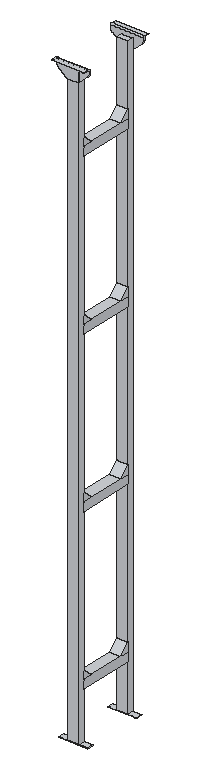
Revit family "C2201", category Specialty Equipment, Revit 2025
Family settings
  Round Connector Dimension = Use Diameter
  Part Type = Normal
  Work Plane-Based = Yes
  Enable Cutting in Views = No
  Always vertical = Yes
  Cut with Voids When Loaded = No
  Maintain Annotation Orientation = No
  Shared = No
  Room Calculation Point = No
Parameters (values of type "C2201-18"")
  G [instance] = if(Conveyor_Elevation_In > 10' 6", 3' 0", 3' 0")  # 3' - 0"
  F [instance] = if(Conveyor_Elevation_In > 10' 6", 1' 5", 1' 5")  # 1' - 5"
  LEG_HEIGHT [instance] = Conveyor_Elevation_In - 0' 1 1/4" - 0' 0 31/256" - 0' 6 37/128"  # 11' - 4 87/256"
  Default Elevation = 4' - 0"
  D [instance] = if(Conveyor_Elevation_In > 10' 6", 4, 1)  # 4
  Cross_Member_width [instance] = CLR_NOMINAL_WIDTH - 0' 5 1/2"  # 1' - 0 1/2"
  Conveyor_Elevation_In [instance] = 12' - 0"
  CLR_NOMINAL_WIDTH [instance] = 1' - 6"
Types (6): name | Cross_Member_width | CLR_NOMINAL_WIDTH
  (no name) | 1' - 0 1/2" | 1' - 6"
  C2201-18" | 1' - 0 1/2" | 1' - 6"
  C2201-24" | 1' - 6 1/2" | 2' - 0"
  C2201-30" | 2' - 0 1/2" | 2' - 6"
  C2201-36" | 2' - 6 1/2" | 3' - 0"
  C2201-42" | 3' - 0 1/2" | 3' - 6"
Reference planes (in)
  plane 1 "Center (Front/Back)": y = 0
  plane 2 "Level": z = 0
  plane 3 "Center (Left/Right)": x = 0
  plane 4: z = 137.71
  plane 5: y = 7.64062
  plane 6: y = -36.38324
  plane 7: x = 7.5
  plane 8 "Support_Centerline": x = 3.80669
  plane 9 "LH_Out": y = 9
  plane 10 "RH_Out": y = -9
  plane 11 "Bot_of_SideFrame": z = 137.71
  plane 12: z = 33.60641
  plane 13: y = 18.02386
  plane 14: y = -26
  plane 15: z = 137.71
  plane 16: y = -7.64063
  plane 17: y = 36.38324
  plane 18: z = 137.71
  plane 19: z = 33.60641
  plane 20: z = 137.71
  plane 21: y = -9
  plane 22: y = 9
  plane 23: y = 19.38324
  plane 24: z = 120.71
  plane 25: z = 84.71
  plane 26: z = 144
  plane 27: z = 48.71
  plane 28: z = 12.71
  plane 29: y = 0
  plane 30: z = 120.71
  plane 31: y = 0
  plane 32: z = 84.71
  plane 33: y = 0
  plane 34: z = 48.71
  plane 35: y = 0
  plane 36: z = 12.71
  plane 37: y = -29.40827
  plane 38: z = 127.37696
  plane 39: z = 127.37696
  plane 40: y = -29.40827
Forms (in)
  Extrusion 1, solid
    sketch origin (0, -27.38324, 105.71) x (0, 1, 0) y (0, 0, 1)
      loop
        line (36.38324, 32) -> (35.27386, 32)
        arc (35.27386, 32) -> (35.09708, 31.92678) -> (35.02386, 31.75) r 0.25
        line (35.02386, 31.75) -> (35.02386, 27.75) -> (35.13324, 27.75) -> (35.13324, 31.64063)
        arc (35.13324, 31.64063) -> (35.20646, 31.8174) -> (35.38324, 31.89063) r 0.25
        line (35.38324, 31.89063) -> (36.38324, 31.89063) -> (36.38324, 32)
    from 0 to 7.5
  Extrusion 2, void
    sketch origin (0, 7.64062, 138.46) x (0, 0, 1) y (1, 0, 0)
      loop
        line (-1.11719, 0) -> (-1.66256, 0)
        arc (-1.66256, 0) -> (-2.08229, 0.09235) -> (-2.4245, 0.35235) r 1
        line (-2.4245, 0.35235) -> (-4.01194, 2.21993)
        arc (-4.01194, 2.21993) -> (-4.1886, 2.52257) -> (-4.25, 2.86758) r 1
        line (-4.25, 2.86758) -> (-4.25, 3.75) -> (-4.25, 4.63242)
        arc (-4.25, 4.63242) -> (-4.1886, 4.97743) -> (-4.01194, 5.28007) r 1
        line (-4.01194, 5.28007) -> (-2.4245, 7.14765)
        arc (-2.4245, 7.14765) -> (-2.08229, 7.40765) -> (-1.66256, 7.5) r 1
        line (-1.66256, 7.5) -> (-1.11719, 7.5) -> (-1.11719, 8.36747) -> (-5.5, 8.36747) -> (-5.5, 3.75) -> (-5.5, -0.86747) -> (-1.11719, -0.86747) -> (-1.11719, 0)
    from 0 to 0.10938
  Extrusion 3, solid, not visible
    sketch origin (0, -17, 1.60641) x (0, 1, 0) y (0, 0, 1)
      loop
        line (36.38324, 32) -> (35.27386, 32)
        arc (35.27386, 32) -> (35.09708, 31.92678) -> (35.02386, 31.75) r 0.25
        line (35.02386, 31.75) -> (35.02386, 27.75) -> (35.13324, 27.75) -> (35.13324, 31.64063)
        arc (35.13324, 31.64063) -> (35.20646, 31.8174) -> (35.38324, 31.89063) r 0.25
        line (35.38324, 31.89063) -> (36.38324, 31.89063) -> (36.38324, 32)
    from 0 to 7.5
  Extrusion 4, void, not visible
    sketch origin (0, 18.02386, -69.74719) x (0, 0, 1) y (1, 0, 0)
      loop
        line (-1.11719, 0) -> (-1.66256, 0)
        arc (-1.66256, 0) -> (-2.08229, 0.09235) -> (-2.4245, 0.35235) r 1
        line (-2.4245, 0.35235) -> (-4.01194, 2.21993)
        arc (-4.01194, 2.21993) -> (-4.1886, 2.52257) -> (-4.25, 2.86758) r 1
        line (-4.25, 2.86758) -> (-4.25, 3.75) -> (-4.25, 4.63242)
        arc (-4.25, 4.63242) -> (-4.1886, 4.97743) -> (-4.01194, 5.28007) r 1
        line (-4.01194, 5.28007) -> (-2.4245, 7.14765)
        arc (-2.4245, 7.14765) -> (-2.08229, 7.40765) -> (-1.66256, 7.5) r 1
        line (-1.66256, 7.5) -> (-1.11719, 7.5) -> (-1.11719, 8.36747) -> (-5.5, 8.36747) -> (-5.5, 3.75) -> (-5.5, -0.86747) -> (-1.11719, -0.86747) -> (-1.11719, 0)
    from 0 to 0.10938
  Extrusion 5, solid
    sketch origin (0, -9.38324, 105.71) x (0, 1, 0) y (0, 0, 1)
      loop
        line (0.38324, 32) -> (0.38324, 31.89063) -> (1.38324, 31.89063)
        arc (1.38324, 31.89063) -> (1.56001, 31.8174) -> (1.63324, 31.64063) r 0.25
        line (1.63324, 31.64063) -> (1.63324, 27.75) -> (1.74261, 27.75) -> (1.74261, 31.75)
        arc (1.74261, 31.75) -> (1.66939, 31.92678) -> (1.49261, 32) r 0.25
        line (1.49261, 32) -> (0.38324, 32)
    from 0 to 7.5
  Extrusion 6, void
    sketch origin (0, -7.64063, 138.46) x (0, 0, 1) y (-1, 0, 0)
      loop
        line (-1.11719, 0) -> (-1.11719, 0.86747) -> (-5.5, 0.86747) -> (-5.5, -3.75) -> (-5.5, -8.36747) -> (-1.11719, -8.36747) -> (-1.11719, -7.5) -> (-1.66256, -7.5)
        arc (-1.66256, -7.5) -> (-2.08229, -7.40765) -> (-2.4245, -7.14765) r 1
        line (-2.4245, -7.14765) -> (-4.01194, -5.28007)
        arc (-4.01194, -5.28007) -> (-4.1886, -4.97743) -> (-4.25, -4.63242) r 1
        line (-4.25, -4.63242) -> (-4.25, -3.75) -> (-4.25, -2.86758)
        arc (-4.25, -2.86758) -> (-4.1886, -2.52257) -> (-4.01194, -2.21993) r 1
        line (-4.01194, -2.21993) -> (-2.4245, -0.35235)
        arc (-2.4245, -0.35235) -> (-2.08229, -0.09235) -> (-1.66256, 0) r 1
        line (-1.66256, 0) -> (-1.11719, 0)
    from 0 to 0.10938
  Extrusion 7, solid
    sketch origin (3.80669, 0, 0) x (0, 1, 0) y (0, 0, 1)
      loop
        line (7.64062, 136.46) -> (6.26062, 136.46) -> (6.26062, 0.12016) -> (7.64062, 0.12016) -> (7.64062, 136.46)
    from -1.25 to 1.25
  Extrusion 8, solid
    sketch origin (3.80669, 0, 0) x (0, -1, 0) y (0, 0, -1)
      loop
        line (7.64062, -136.46) -> (7.64062, -0.12016) -> (6.26062, -0.12016) -> (6.26062, -136.46) -> (7.64062, -136.46)
    from -1.25 to 1.25
  Extrusion 9, solid
    sketch origin (0, 0, 0) x (0, 1, 0) y (0, 0, 1)
      loop
        line (-7.64062, 0.12109) -> (-7.64062, 0) -> (-6.26062, 0) -> (-6.26062, 0.12109) -> (-7.64062, 0.12109)
    from 0.5 to 7
  Extrusion 10, solid
    sketch origin (0, 0, 0) x (0, -1, 0) y (0, 0, -1)
      loop
        line (-7.64062, -0.12109) -> (-6.26062, -0.12109) -> (-6.26062, 0) -> (-7.64062, 0) -> (-7.64062, -0.12109)
    from 0.5 to 7
  Extrusion 11, solid, not visible
    sketch origin (3.80669, 0, 0) x (0, 1, 0) y (0, 0, 1)
      loop
        line (-35.65827, 128.87696) -> (-35.65827, 125.87696) -> (-23.15827, 125.87696) -> (-23.15827, 128.87696) -> (-35.65827, 128.87696)
    from -1.25 to 1.25
  Extrusion 12, solid, not visible
    sketch origin (3.80669, 0, 0) x (0, 1, 0) y (0, 0, 1)
      loop
        line (-35.65827, 128.87696) -> (-33.65827, 128.87696) -> (-35.65827, 130.87696) -> (-35.65827, 128.87696)
    from -1.25 to 1.25
  Extrusion 13, solid, not visible
    sketch origin (3.80669, 105.71869, 164.53523) x (0, 0, 1) y (0, -1, 0)
      loop
        line (-35.65827, 128.87696) -> (-33.65827, 128.87696) -> (-35.65827, 130.87696) -> (-35.65827, 128.87696)
    from -1.25 to 1.25
Cuts and joins
  Extrusion 2, Extrusion 6 cuts Extrusion 1
  Extrusion 6 cuts Extrusion 5
Dimensions and locks (in)
  locked: Extrusion 1 sketch curve to Extrusion 1 sketch curve at 4.25
  Extrusion 1 sketch curve to Extrusion 1 sketch curve to plane 5 = 0' - 1 23/64", 0' - 0" locked
  locked: plane 3 "Center (Left/Right)" to plane 7 at 7.5
  equal spacing: plane 9 "LH_Out", plane 1 "Center (Front/Back)", plane 10 "RH_Out"
  "CLR_NOMINAL_WIDTH": plane 9 "LH_Out" to plane 10 "RH_Out"
  locked: Extrusion 3 sketch curve to Extrusion 3 sketch curve at 4.25
  Extrusion 3 sketch curve to Extrusion 3 sketch curve to plane 13 = 0' - 1 23/64", 0' - 0" locked
  locked: Extrusion 5 sketch curve to Extrusion 5 sketch curve at 4.25
  Extrusion 5 sketch curve to plane 16 to Extrusion 5 sketch curve = 0' - 0" locked, 0' - 1 23/64"
  plane 11 "Bot_of_SideFrame" to level = 11' - 5.71"
  locked: Extrusion 7 sketch curve to plane 11 "Bot_of_SideFrame" at 1.25
  "LEG_HEIGHT": Extrusion 7 sketch curve to Extrusion 7 sketch curve
  locked: Extrusion 7 sketch curve to Extrusion 7 sketch curve at 1.38
  "LEG_HEIGHT": Extrusion 8 sketch curve to Extrusion 8 sketch curve
  locked: Extrusion 8 sketch curve to Extrusion 8 sketch curve at 1.38
  Extrusion 9 sketch curve to Extrusion 8 = 0' - 0.12016"
  Extrusion 5 to Extrusion 2 = 0' - 0 1/2"
  "F": plane 11 "Bot_of_SideFrame" to plane 24
  "G": plane 24 to plane 25
  locked: plane 26 to plane 11 "Bot_of_SideFrame" at 6.29
  "Conveyor_Elevation_In": plane 26 to level
  plane 29 to plane 1 "Center (Front/Back)" = 0' - 0"
  locked: plane 29 to plane 1 "Center (Front/Back)"
  locked: plane 30 to plane 24
  "G": plane 30 to plane 32
  "Cross_Member_width": Extrusion 11 sketch curve to Extrusion 11 sketch curve
  locked: Extrusion 11 sketch curve to Extrusion 11 sketch curve at 3
  locked: Extrusion 12 sketch curve to Extrusion 12 sketch curve at 2  (x2)
  locked: Extrusion 13 sketch curve to Extrusion 13 sketch curve at 2  (x2)
  locked: nested 1 to plane 35
  plane 8 "Support_Centerline" to nested 1 = 0' - 0"
  locked: plane 30 to nested 1
  equal spacing: group 5, group 6, group 7, group 8  (x2)
  equal spacing: group 8, group 7, group 6, group 5
  "G": nested 2 to nested 1
  aligned and locked: level to plane 2 "Level"
  aligned and locked: plane 7 to Extrusion 1
  aligned and locked: plane 11 "Bot_of_SideFrame" to plane 20
  aligned and locked: plane 10 "RH_Out" to plane 21
  aligned and locked: plane 22 to plane 9 "LH_Out"
  aligned and locked: plane 11 "Bot_of_SideFrame" to plane 18
  aligned and locked: Extrusion 7 sketch curve to cut or joined group of Extrusion 1, Extrusion 2, Extrusion 6
  aligned and locked: Extrusion 9 to Extrusion 8
  aligned and locked: plane 8 "Support_Centerline" to connector elem
  aligned and locked: Extrusion 12 to Extrusion 11  (x3)
Automatic sketch dimensions
  Extrusion 1 sketch curve to plane 4 = 0' - 0"
  Extrusion 1 sketch curve to Extrusion 1 sketch curve = 0' - 0 7/64"  (x2)
  Extrusion 1 sketch curve to plane 5 = 0' - 0 1/4"
  Extrusion 1 sketch curve to plane 4 = 0' - 0 7/64"
  Extrusion 1 to Extrusion 2 sketch curve = 0' - 0 3/4"
  Extrusion 1 to Extrusion 2 sketch curve = 0' - 0"
  Extrusion 2 sketch curve to Extrusion 1 = 0' - 0"
  Extrusion 2 sketch curve to Extrusion 1 = 0' - 0 1/2"
  Extrusion 1 to Extrusion 2 sketch curve = 0' - 0.98806"  (x2)
  Extrusion 2 sketch curve to Extrusion 2 sketch curve = 0' - 1"  (x2)
  Extrusion 2 sketch curve to Extrusion 1 = 0' - 0.35235"  (x2)
  Extrusion 1 to Extrusion 2 sketch curve = 0' - 2.5755"  (x2)
  Extrusion 2 sketch curve to Extrusion 2 sketch curve = 0' - 0.76194"  (x2)
  Extrusion 2 sketch curve to Extrusion 1 = 0' - 0 15/128"  (x2)
  Extrusion 1 to Extrusion 2 sketch curve = 0' - 0.86747"  (x2)
  Extrusion 2 sketch curve to Extrusion 1 = 0' - 2.21993"
  Extrusion 2 sketch curve to Extrusion 2 sketch curve = 0' - 0.88242"  (x3)
  Extrusion 3 sketch curve to plane 12 = 0' - 0"
  Extrusion 3 sketch curve to Extrusion 3 sketch curve = 0' - 0 7/64"  (x2)
  Extrusion 3 sketch curve to plane 13 = 0' - 0 1/4"
  Extrusion 3 sketch curve to plane 12 = 0' - 0 7/64"
  Extrusion 4 sketch curve to Extrusion 3 = 8' - 7.35359"
  Extrusion 3 to Extrusion 4 sketch curve = 0' - 0"
  Extrusion 4 sketch curve to Extrusion 3 = 0' - 0"
  Extrusion 4 sketch curve to Extrusion 3 = 8' - 8.60359"
  Extrusion 4 sketch curve to Extrusion 3 = 8' - 7.11553"  (x2)
  Extrusion 4 sketch curve to Extrusion 4 sketch curve = 0' - 1"  (x2)
  Extrusion 4 sketch curve to Extrusion 3 = 0' - 0.35235"  (x2)
  Extrusion 4 sketch curve to Extrusion 3 = 8' - 5.52809"  (x2)
  Extrusion 4 sketch curve to Extrusion 4 sketch curve = 0' - 0.76194"  (x2)
  Extrusion 4 sketch curve to Extrusion 3 = 8' - 8.22078"  (x2)
  Extrusion 3 to Extrusion 4 sketch curve = 0' - 0.86747"  (x2)
  Extrusion 4 sketch curve to Extrusion 3 = 0' - 2.21993"
  Extrusion 4 sketch curve to Extrusion 4 sketch curve = 0' - 0.88242"  (x3)
  Extrusion 5 sketch curve to plane 15 = 0' - 0"
  Extrusion 5 sketch curve to Extrusion 5 sketch curve = 0' - 0 7/64"  (x2)
  plane 16 to Extrusion 5 sketch curve = 0' - 0 1/4"
  Extrusion 5 sketch curve to plane 15 = 0' - 0 7/64"
  Extrusion 5 to Extrusion 6 sketch curve = 0' - 0"
  Extrusion 6 sketch curve to Extrusion 5 = 0' - 0"
  Extrusion 6 sketch curve to Extrusion 6 sketch curve = 0' - 1"  (x2)
  Extrusion 5 to Extrusion 6 sketch curve = 0' - 0.35235"  (x2)
  Extrusion 6 sketch curve to Extrusion 6 sketch curve = 0' - 0.76194"  (x2)
  Extrusion 6 sketch curve to Extrusion 5 = 0' - 0.86747"  (x2)
  Extrusion 5 to Extrusion 6 sketch curve = 0' - 2.21993"
  Extrusion 6 sketch curve to Extrusion 6 sketch curve = 0' - 0.88242"  (x3)
  Extrusion 5 to Extrusion 6 sketch curve = 0' - 0 3/4"  (x2)
  Extrusion 6 sketch curve to Extrusion 5 = 0' - 0 1/2"  (x2)
  Extrusion 5 to Extrusion 6 sketch curve = 0' - 0.98806"  (x4)
  Extrusion 5 to Extrusion 6 sketch curve = 0' - 2.5755"  (x4)
  Extrusion 6 sketch curve to Extrusion 5 = 0' - 0 15/128"  (x4)
  Extrusion 8 sketch curve to plane 11 "Bot_of_SideFrame" = 0' - 1 1/4"
  Extrusion 8 sketch curve to plane 10 "RH_Out" = 0' - 2.73938"
  level to Extrusion 9 sketch curve = 0' - 0 31/256"
  Extrusion 9 sketch curve to plane 10 "RH_Out" = 0' - 1 23/64"
  Extrusion 9 sketch curve to Extrusion 9 sketch curve = 0' - 1.38"
  Extrusion 10 sketch curve to level = 0' - 0"
  level to Extrusion 10 sketch curve = 0' - 0 31/256"
  plane 9 "LH_Out" to Extrusion 10 sketch curve = 0' - 1 23/64"
  Extrusion 10 sketch curve to Extrusion 10 sketch curve = 0' - 1.38"
  plane 38 to Extrusion 11 sketch curve = 0' - 1 1/2"
  Extrusion 11 sketch curve to plane 37 = 0' - 6 1/4"
  Extrusion 12 sketch curve to plane 40 = 0' - 6 1/4"
  plane 39 to Extrusion 12 sketch curve = 0' - 1 1/2"
Nested families (in)
  nested 1: "CROSS_MEMBER" at (3.80669, 0, 88.71), CROSS_MEMBER_WIDTH <- "Cross_Member_width", type "CROSS_MEMBER"
    with CROSS_MEMBER_WIDTH 1' - 0 1/2"
  nested 2: "CROSS_MEMBER" at (3.80669, 0, 52.71), CROSS_MEMBER_WIDTH <- "Cross_Member_width", type "CROSS_MEMBER"
    with CROSS_MEMBER_WIDTH 1' - 0 1/2"
  nested 3: "CROSS_MEMBER" at (3.80669, 0, 16.71), CROSS_MEMBER_WIDTH <- "Cross_Member_width", type "CROSS_MEMBER"
    with CROSS_MEMBER_WIDTH 1' - 0 1/2"
  nested 4: "CROSS_MEMBER" at (3.80669, 0, -19.29), CROSS_MEMBER_WIDTH <- "Cross_Member_width", type "CROSS_MEMBER"
    with CROSS_MEMBER_WIDTH 1' - 0 1/2"
Connectors (in)
  cabletrayconduit at (3.80669, 0, 137.71), diameter 6
    settings: index 1, connector width 1' - 0", connector height 1' - 0", connector angle 0.00°, system type 32, placement type 0, profile type 0, connector reference index -1, is primary connector yes, connector utility param no, connector description ""
Definition of nested family "CROSS_MEMBER"
  Parameters (values of type "CROSS_MEMBER")
    Default Elevation = 0' - 0"
    CROSS_MEMBER_WIDTH [instance] = 2' - 0"
  Reference planes (in)
    plane 1 "Center (Front/Back)": y = 0
    plane 2: z = 0
    plane 3 "Center (Left/Right)": x = 0
    plane 4: z = 30
    plane 5: z = 32
    plane 6: y = -12
    plane 7: y = 12
    plane 8: x = -1.25
    plane 9: x = 1.25
  Forms (in)
    Extrusion 1, solid
      sketch origin (0, 0, 0) x (0, 1, 0) y (0, 0, 1)
        loop
          line (-12, 32) -> (-12, 30) -> (12, 30) -> (12, 32) -> (-12, 32)
      from -1.25 to 1.25
    Extrusion 2, solid
      sketch origin (0, 0, 0) x (0, 1, 0) y (0, 0, 1)
        loop
          line (-12, 32) -> (-10, 32) -> (-12, 34) -> (-12, 32)
      from -1.25 to 1.25
    Extrusion 3, solid
      sketch origin (0, 0.25, 0) x (0, -1, 0) y (0, 0, -1)
        loop
          line (-11.75, -32) -> (-11.75, -34) -> (-9.75, -32) -> (-11.75, -32)
      from -1.25 to 1.25
  Dimensions and locks (in)
    equal spacing: plane 6, plane 1 "Center (Front/Back)", plane 7
    plane 5 to plane 4 = 0' - 2"
    plane 4 to level = 2' - 6"
    "CROSS_MEMBER_WIDTH": plane 6 to plane 7
    equal spacing: plane 9, plane 3 "Center (Left/Right)", plane 8
    locked: plane 9 to plane 8 at 2.5
    locked: Extrusion 2 sketch curve to Extrusion 2 sketch curve at 2  (x2)
    locked: Extrusion 3 sketch curve to Extrusion 3 sketch curve at 2  (x2)
    locked: plane 7 to Extrusion 3
    locked: Extrusion 3 to plane 5
    Extrusion 2 to plane 5 = 0' - 0"
    locked: Extrusion 1 to Extrusion 2
    aligned and locked: level to plane 2
    aligned and locked: Extrusion 1 sketch curve to plane 5
    aligned and locked: Extrusion 1 sketch curve to plane 6
    aligned and locked: plane 4 to Extrusion 1 sketch curve
    aligned and locked: Extrusion 1 sketch curve to plane 7
    aligned and locked: Extrusion 1 to plane 8
    aligned and locked: plane 9 to Extrusion 1
    aligned and locked: Extrusion 2 to plane 8
    aligned and locked: plane 9 to Extrusion 2
  Automatic sketch dimensions
    plane 6 to Extrusion 2 sketch curve = 0' - 0"
    plane 5 to Extrusion 2 sketch curve = 0' - 0"
    plane 5 to Extrusion 3 sketch curve = 0' - 0"
    Extrusion 3 sketch curve to plane 1 "Center (Front/Back)" = 1' - 0"
